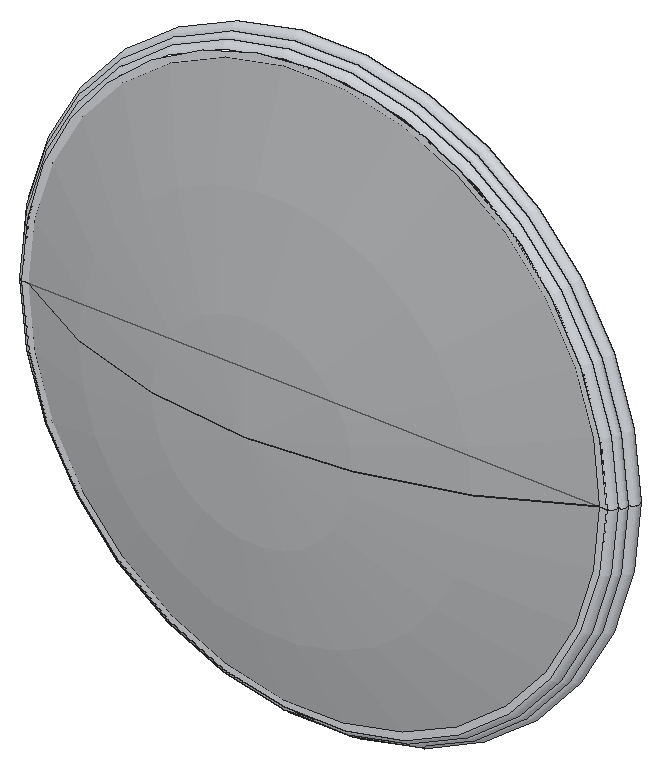
Revit family "2300-21", category Lighting Fixtures, Revit 2016
Family settings
  Part Type = Normal
  Round Connector Dimension = Use Diameter
  OmniClass Number = 23.80.70.00
  OmniClass Title = Lighting
  Work Plane-Based = No
  Always vertical = Yes
  Cut with Voids When Loaded = No
  Light Source = Yes
  Shared = No
  Room Calculation Point = No
Parameters
  Wattage = 12.1178 W
  built-in parameter 1150110 = 1 (stored number, unit not read)
  built-in parameter 1114217 = 1 (stored number, unit not read)
  built-in parameter 1150109 = 1 (stored number, unit not read)
  built-in parameter 1150134 = (empty or 0)
  built-in parameter 1150113 = 1 (stored number, unit not read)
  Lumens = 1800 lm
  built-in parameter 1150115 = 1 (stored number, unit not read)
  built-in parameter 1150105 = 143.24 (stored number, unit not read)
  Light Source Symbol Size = 2' - 0"
  built-in parameter 1150137 = (empty or 0)
  built-in parameter 1150139 = (empty or 0)
  built-in parameter 1150112 = 1 (stored number, unit not read)
  built-in parameter 1150114 = 1 (stored number, unit not read)
  built-in parameter 1150132 = 2
  built-in parameter 1150102 = (empty or 0)
  built-in parameter 1150138 = (empty or 0)
  built-in parameter 1150107 = 3000 (stored number, unit not read)
  built-in parameter 1150106 = 1.4324 (stored number, unit not read)
  built-in parameter 1150104 = 13.8 (stored number, unit not read)
  Dimming Lamp Color Temperature Shift = (empty or 0)
  Color Filter = 16777215
  built-in parameter 1114218 = 1 (stored number, unit not read)
  built-in parameter 1150133 = 10 (stored number, unit not read)
Reference planes (in)
  plane 1 "Light Source Axis (F/B)": y = 0
  plane 2: z = 0
  plane 3 "Light Source Axis (L/R)": x = 0
  plane 4 "Light Source Elevation": z = 0
Forms (in)
  Revolve 1, solid
    sketch origin (0, 0, 0) x (1, 0, 0) y (0, 1, 0)
      loop
        line (0, -0.96991) -> (0, 0.00099) -> (-10.53362, 0.00099)
        arc (-10.53362, 0.00099) -> (-10.74903, -0.21442) -> (-10.53362, -0.42983) r 0.21541
        arc (-10.53362, -0.42983) -> (-10.55476, -0.60508) -> (-10.40692, -0.70153) r 0.16712
        arc (-10.40692, -0.70153) -> (-10.36371, -0.86988) -> (-10.22157, -0.96991) r 0.25125
        line (-10.22157, -0.96991) -> (0, -0.96991)
      axis (0, 0.00099) -> (0, -0.96991)
    angle from 0 to 360
  Revolve 2, solid, material "Acrylic-Brownlee"
    sketch origin (0, 0, 0) x (1, 0, 0) y (0, 1, 0)
      loop
        line (0, -0.96991) -> (-10.00511, -0.96991)
        arc (-10.00511, -0.96991) -> (-5.22852, -3.23106) -> (0, -4) r 17.91278
        line (0, -4) -> (0, -0.96991)
      axis (0, -0.96991) -> (0, -4)
    angle from 0 to 360
Dimensions and locks (in)
  aligned and locked: plane 3 "Light Source Axis (L/R)" to imposter light
  aligned and locked: plane 1 "Light Source Axis (F/B)" to imposter light
  aligned and locked: plane 4 "Light Source Elevation" to imposter light
  aligned and locked: level to plane 2
